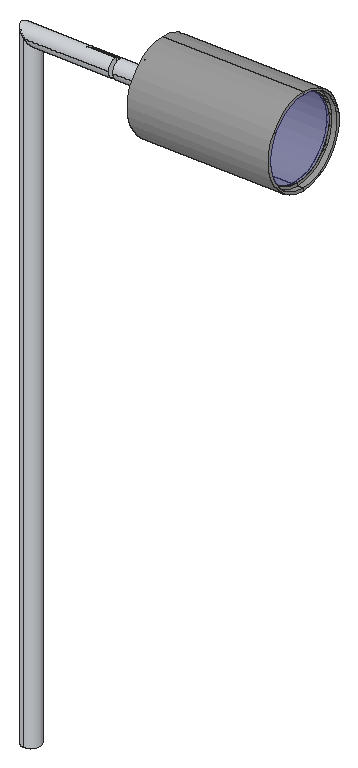
Revit family "Alcon-9170-S-18-Revit-Family", category Generic Models, host Face, Revit 2025
Family settings
  Host = Face
  Can host rebar = No
  Round Connector Dimension = Use Diameter
  Part Type = Normal
  Cut with Voids When Loaded = No
  Maintain Annotation Orientation = No
  Shared = No
  Room Calculation Point = No
Parameters
  URL = "https://www.alconlighting.com/?srsltid=AfmBOooDPhGQ0dEP-X2PMtxFfvvWpIAEL4jCll_O2F4_to5onvhnBomy"
  Product Page = "https://www.alconlighting.com/9170-s.html"
  Model = "9170-S-18"
  Manufacturer = "Alcon Lighting"
  Fixture Rotation = 90.00°
  Default Elevation = 4' - 0"
  Body = none
Reference planes (in)
  plane 1 "Center (Front/Back)": y = 0
  plane 2: z = 0
  plane 3 "Center (Left/Right)": x = 0
Forms (in)
  Extrusion 1, void
    sketch origin (0.14091, 0, 0) x (1, 0, 0) y (0, 1, 0)
      loop
        line (-0.53555, 0) -> (0.35909, 0) -> (0.35909, 0.25) -> (-0.53555, 0.25) -> (-0.53555, 0)
    from 16.53006 to 19.09167
  Sweep 2, solid
    path origin (-1.98551, 0, 0) x (1, 0, 0) y (0, 0, 1)
      loop
        line (0, 0) -> (0, 18) -> (2.4, 18)
    profile origin (-1.98551, 0, 9) x (-1, 0, 0) y (0, -1, 0)
      loop
        circle (0, 0) r 0.25
Cuts and joins
  Extrusion 1 cuts Sweep 2
Lines and regions (in)
  reference lines
    curve 1: line (0, 0, 27.25) -> (0, 0, 14.75)
Dimensions and locks (in)
  "Fixture Rotation": angle nested 1 to curve 1
  aligned and locked: plane 2 to host face
  aligned and locked: level to host face
Automatic sketch dimensions
  host sketch curve to host sketch curve = 8' - 0"  (x2)
  curve 1 to plane 3 "Center (Left/Right)" = 0' - 0"
  level to curve 1 = 1' - 2 3/4"
  curve 1 to curve 1 = 1' - 0 1/2"
  plane 1 "Center (Front/Back)" to Extrusion 1 sketch curve = 0' - 0"
  Extrusion 1 sketch curve to plane 1 "Center (Front/Back)" = 0' - 0 1/4"
  Extrusion 1 sketch curve to plane 3 "Center (Left/Right)" = 0' - 0.39464"
  plane 3 "Center (Left/Right)" to Extrusion 1 sketch curve = 0' - 0 1/2"
  Sweep 2 sketch curve to level = 0' - 0"
  Sweep 2 sketch curve to plane 3 "Center (Left/Right)" = 0' - 1.98551"
  level to Sweep 2 sketch curve = 1' - 6"
  plane 3 "Center (Left/Right)" to Sweep 2 sketch curve = 0' - 0.41449"
  Sweep 2 sketch curve to Sweep 2 sketch curve = 0' - 0"  (x2)
  Sweep 2 sketch curve to profile plane = 0' - 0"
  plane 1 "Center (Front/Back)" to Sweep 2 sketch curve = 0' - 0"
  Sweep 2 sketch curve to plane 1 "Center (Front/Back)" = 0' - 0 1/4"
Nested families (in)
  nested 1: "Alcon-9170-S-Housing-Revit-Family" at (0, 0, 18) x (-1, 0, 0) z (0, -1, 0), type "Alcon-9170-S-Housing-Revit-Family"
    with built-in parameter 1001306 1.7292 (stored number, unit not read)
Definition of nested family "Alcon-9170-S-Housing-Revit-Family"
  Parameters (values of type "Alcon-9170-S-Housing-Revit-Family")
    Wattage = 9.2903 W
    built-in parameter 1150110 = 1 (stored number, unit not read)
    built-in parameter 1114217 = 1 (stored number, unit not read)
    Tilt Angle = 0.00°
    built-in parameter 1150109 = 1 (stored number, unit not read)
    built-in parameter 1150134 = 3
    built-in parameter 1150113 = 1 (stored number, unit not read)
    built-in parameter 1010507 = 1.5708 (stored number, unit not read)
    built-in parameter 1010506 = 0.5236 (stored number, unit not read)
    built-in parameter 1150105 = 4614.1 (stored number, unit not read)
    Lumens = 1380 lm
    built-in parameter 1150115 = 1 (stored number, unit not read)
    Light Source Symbol Length = 10' - 0"
    built-in parameter 1150137 = (empty or 0)
    built-in parameter 1150139 = (empty or 0)
    Lens = none
    built-in parameter 1001306 [instance] = 4' - 0"
    built-in parameter 1150112 = 1 (stored number, unit not read)
    built-in parameter 1150114 = 1 (stored number, unit not read)
    built-in parameter 1150132 = (empty or 0)
    built-in parameter 1150102 = (empty or 0)
    built-in parameter 1150107 = 3200 (stored number, unit not read)
    built-in parameter 1150138 = (empty or 0)
    built-in parameter 1150106 = 46.141 (stored number, unit not read)
    Housing = none
    built-in parameter 1150104 = 13.8 (stored number, unit not read)
    Dimming Lamp Color Temperature Shift = (empty or 0)
    Default Elevation = 0' - 0"
    Color Filter = 16777215
    built-in parameter 1114218 = 1 (stored number, unit not read)
    built-in parameter 1150133 = 10 (stored number, unit not read)
  Reference planes (in)
    plane 1 "Center (Front/Back)": y = 0
    plane 2: z = 0
    plane 3 "Left": x = 0
    plane 4 "Right": x = 48
  Forms (in)
    Revolve 1, solid, material <- "Housing"
      sketch origin (-6.74627, 0, 0) x (1, 0, 0) y (0, 1, 0)
        loop
          line (4.9375, 0) -> (5, 0) -> (5, 1.25) -> (1, 1.25) -> (1, 1.1875) -> (1.16706, 1.1875) -> (1.16706, 1.125) -> (1.22956, 1.125) -> (1.22956, 1.1875) -> (4.9375, 1.1875) -> (4.9375, 0)
        axis (1, 0) -> (5, 0)
      angle from 0 to 360
    Extrusion 2, solid, material <- "Lens"
      sketch origin (-5.5792, 0, 0) x (0, 1, 0) y (0, 0, -1)
        loop
          circle (0, 0) r 1.125
      from 0 to -0.0625
    Revolve 3, solid
      sketch origin (-6.74627, 0, 0) x (1, 0, 0) y (0, 0, 1)
        loop
          line (5, 0) -> (7, 0) -> (7, 0.25) -> (5, 0.25) -> (5, 0)
        axis (5, 0) -> (7, 0)
      angle from 0 to 360
    Extrusion 4, void
      sketch origin (-6.74627, 0, 0) x (1, 0, 0) y (0, 0, 1)
        loop
          line (6.21071, -0.03618) -> (7.05246, -0.03618) -> (7.05246, 0.26972) -> (6.21071, 0.26972) -> (6.21071, -0.03618)
      from -0.49956 to 0.5
  Cuts and joins
    Extrusion 4 cuts Revolve 3
  Lines and regions (in)
    reference lines
      curve 1: line (0, 0, 0) -> (48, 0, 0)
    model lines
      curve 2: line (0, 0, 0) -> (-27.5, 0, 0)
  Dimensions and locks (in)
    "built-in parameter 1001306": plane 3 "Left" to plane 4 "Right"
    aligned and locked: plane 4 "Right" to curve 1
    aligned and locked: plane 1 "Center (Front/Back)" to curve 1
    aligned and locked: plane 3 "Left" to curve 1
    aligned and locked: level to plane 2
    aligned and locked: imposter light to Extrusion 2
  Automatic sketch dimensions
    Extrusion 4 sketch curve to level = 0' - 0.03618"
    level to Extrusion 4 sketch curve = 0' - 0.26972"
    Extrusion 4 sketch curve to plane 3 "Left" = 0' - 0.53555"
    Extrusion 4 sketch curve to Extrusion 4 sketch curve = 0' - 0.84175"
    plane 1 "Center (Front/Back)" to curve 2 = 0' - 0"
    curve 2 to plane 3 "Left" = 0' - 0"
    curve 2 to curve 2 = 2' - 3 1/2"
    Revolve 3 sketch curve to level = 0' - 0"  (x2)
    Revolve 3 sketch curve to plane 3 "Left" = 0' - 1.74627"
    Revolve 3 sketch curve to Revolve 3 sketch curve = 0' - 0 1/4"  (x2)
    Revolve 3 sketch curve to Revolve 3 sketch curve = 0' - 0.34205"
    plane 3 "Left" to Revolve 3 sketch curve = 0' - 0.25373"
    plane 1 "Center (Front/Back)" to Revolve 1 sketch curve = 0' - 0"  (x2)
    Revolve 1 sketch curve to plane 1 "Center (Front/Back)" = 0' - 1 3/16"
    Revolve 1 sketch curve to plane 3 "Left" = 0' - 5.74627"
    Revolve 1 sketch curve to plane 1 "Center (Front/Back)" = 0' - 1 1/8"
    Revolve 1 sketch curve to Revolve 1 sketch curve = 0' - 0.16706"
    Revolve 1 sketch curve to Revolve 1 sketch curve = 0' - 0 1/16"  (x3)
    Revolve 1 sketch curve to plane 3 "Left" = 0' - 1.80877"
    Revolve 1 sketch curve to Revolve 1 sketch curve = 0' - 1 3/16"
    Revolve 1 sketch curve to Revolve 1 sketch curve = 0' - 0.68502"
    Revolve 1 sketch curve to Revolve 1 sketch curve = 0' - 2.12252"
    radius of Extrusion 2 sketch curve to Revolve 1 = 0' - 0"
